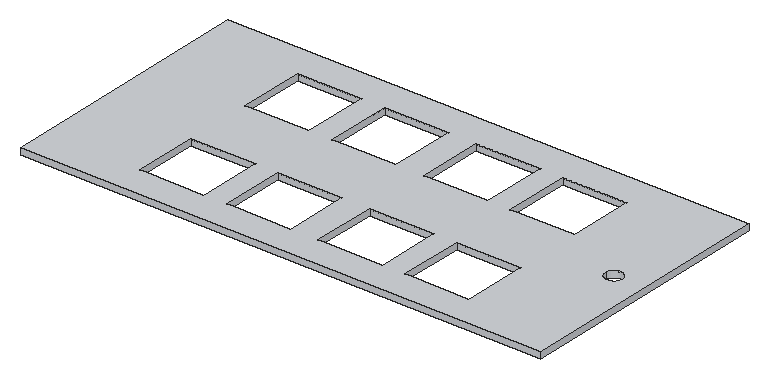
Revit family "CP-Trägerplatte für 8Datenanschlussmodule_Typ_C", category Generic Models, Revit 2015
Parameters (values of type "CP45-TP 8C")
  URL = "http://www.obo-bettermann.com"
  Material = Steel, Galvanized
  Manufacturer Art.No. = "6108028"
  Manufacturer = "OBO Bettermann"
  GTIN = "4012196584796"
  Article Type = "CP45-TP 8C"
Reference planes
  plane 1 "Center (Front/Back)": y = 0
  plane 2: z = 0
  plane 3 "Center (Left/Right)": x = 0
  plane 4: x = -60
  plane 5: x = 60
  plane 6: y = 30
  plane 7: y = -30
  plane 8: x = 53
  plane 9: z = 1.4
Forms (mm)
  Extrusion 1, solid
    sketch origin (0, 0, 0) x (1, 0, 0) y (0, 1, 0)
      loop
        line (-60, 30) -> (-60, -30) -> (60, -30) -> (60, 30) -> (-60, 30)
      loop
        line (-38, 22.5) -> (-38, 7.316) -> (-23.2, 7.316) -> (-23.2, 22.5) -> (-38, 22.5)
      loop
        line (-38, -8.211) -> (-38, -23.039) -> (-23.2, -23.039) -> (-23.2, -8.211) -> (-38, -8.211)
      loop
        line (-18, -23.039) -> (-3.2, -23.039) -> (-3.2, -8.211) -> (-18, -8.211) -> (-18, -23.039)
      loop
        line (-3.2, 7.316) -> (-3.2, 22.5) -> (-18, 22.5) -> (-18, 7.316) -> (-3.2, 7.316)
      loop
        line (3.2, 22.5) -> (3.2, 7.316) -> (18, 7.316) -> (18, 22.5) -> (3.2, 22.5)
      loop
        line (18, -8.211) -> (3.2, -8.211) -> (3.2, -23.039) -> (18, -23.039) -> (18, -8.211)
      loop
        line (23.2, -8.211) -> (23.2, -23.039) -> (38, -23.039) -> (38, -8.211) -> (23.2, -8.211)
      loop
        line (23.2, 7.316) -> (38, 7.316) -> (38, 22.5) -> (23.2, 22.5) -> (23.2, 7.316)
      loop
        circle (53, 0) r 1.998
    from 0 to 1.4
Lines and regions (mm)
  reference lines
    curve 1: circle (53, 0, 0) r 1.998 normal (0, 0, 1)
    curve 2: line (-38, 22.5, 0) -> (-23.2, 22.5, 0)
    curve 3: line (-38, 7.316, 0) -> (-38, 22.5, 0)
    curve 4: line (-23.2, 7.316, 0) -> (-38, 7.316, 0)
    curve 5: line (-23.2, 22.5, 0) -> (-23.2, 7.316, 0)
    curve 6: line (-18, 22.5, 0) -> (-3.2, 22.5, 0)
    curve 7: line (-18, 7.316, 0) -> (-18, 22.5, 0)
    curve 8: line (-3.2, 7.316, 0) -> (-18, 7.316, 0)
    curve 9: line (-3.2, 22.5, 0) -> (-3.2, 7.316, 0)
    curve 10: line (-38, -8.211, 0) -> (-23.2, -8.211, 0)
    curve 11: line (-38, -23.039, 0) -> (-38, -8.211, 0)
    curve 12: line (-23.2, -23.039, 0) -> (-38, -23.039, 0)
    curve 13: line (-23.2, -8.211, 0) -> (-23.2, -23.039, 0)
    curve 14: line (-18, -8.211, 0) -> (-3.2, -8.211, 0)
    curve 15: line (-18, -23.039, 0) -> (-18, -8.211, 0)
    curve 16: line (-3.2, -23.039, 0) -> (-18, -23.039, 0)
    curve 17: line (-3.2, -8.211, 0) -> (-3.2, -23.039, 0)
    curve 18: line (38, 22.5, 0) -> (23.2, 22.5, 0)
    curve 19: line (38, 7.316, 0) -> (38, 22.5, 0)
    curve 20: line (23.2, 7.316, 0) -> (38, 7.316, 0)
    curve 21: line (23.2, 22.5, 0) -> (23.2, 7.316, 0)
    curve 22: line (18, 22.5, 0) -> (3.2, 22.5, 0)
    curve 23: line (18, 7.316, 0) -> (18, 22.5, 0)
    curve 24: line (3.2, 7.316, 0) -> (18, 7.316, 0)
    curve 25: line (3.2, 22.5, 0) -> (3.2, 7.316, 0)
    curve 26: line (38, -8.211, 0) -> (23.2, -8.211, 0)
    curve 27: line (38, -23.039, 0) -> (38, -8.211, 0)
    curve 28: line (23.2, -23.039, 0) -> (38, -23.039, 0)
    curve 29: line (23.2, -8.211, 0) -> (23.2, -23.039, 0)
    curve 30: line (18, -8.211, 0) -> (3.2, -8.211, 0)
    curve 31: line (18, -23.039, 0) -> (18, -8.211, 0)
    curve 32: line (3.2, -23.039, 0) -> (18, -23.039, 0)
    curve 33: line (3.2, -8.211, 0) -> (3.2, -23.039, 0)
Dimensions and locks
  locked: plane 4 to plane 5 at 120
  equal spacing: plane 4, plane 3 "Center (Left/Right)", plane 5
  equal spacing: plane 6, plane 1 "Center (Front/Back)", plane 7
  locked: plane 6 to plane 7 at 60
  locked: plane 8 to plane 5 at 7
  locked: level to plane 9 at 1.4
  locked: curve 2 to plane 6 at 7.5
  locked: plane 4 to curve 3 at 22
  locked: curve 3 to curve 5 at 14.8
  locked: curve 7 to curve 9 at 14.8
  locked: curve 5 to curve 7 at 5.2
  locked: curve 19 to curve 21 at 14.8
  locked: curve 23 to curve 25 at 14.8
  locked: curve 21 to curve 23 at 5.2
  aligned and locked: level to plane 2
  aligned and locked: curve 11 to curve 3
  aligned and locked: curve 5 to curve 13
  aligned and locked: curve 10 to curve 14
  aligned and locked: curve 15 to curve 7
  aligned and locked: curve 16 to curve 12
  aligned and locked: curve 9 to curve 17
  aligned and locked: curve 2 to curve 6
  aligned and locked: curve 27 to curve 19
  aligned and locked: curve 21 to curve 29
  aligned and locked: curve 26 to curve 30
  aligned and locked: curve 31 to curve 23
  aligned and locked: curve 32 to curve 28
  aligned and locked: curve 25 to curve 33
  aligned and locked: curve 18 to curve 22
  aligned and locked: Extrusion 1 sketch curve to plane 6
  aligned and locked: plane 4 to Extrusion 1 sketch curve
  aligned and locked: plane 7 to Extrusion 1 sketch curve
  aligned and locked: Extrusion 1 sketch curve to plane 5
  aligned and locked: Extrusion 1 sketch curve to curve 2
  aligned and locked: Extrusion 1 sketch curve to curve 3
  aligned and locked: Extrusion 1 sketch curve to curve 4
  aligned and locked: Extrusion 1 sketch curve to curve 5
  aligned and locked: Extrusion 1 sketch curve to curve 10
  aligned and locked: Extrusion 1 sketch curve to curve 11
  aligned and locked: Extrusion 1 sketch curve to curve 12
  aligned and locked: Extrusion 1 sketch curve to curve 13
  aligned and locked: Extrusion 1 sketch curve to curve 15
  aligned and locked: Extrusion 1 sketch curve to curve 16
  aligned and locked: Extrusion 1 sketch curve to curve 17
  aligned and locked: Extrusion 1 sketch curve to curve 14
  aligned and locked: Extrusion 1 sketch curve to curve 8
  aligned and locked: Extrusion 1 sketch curve to curve 9
  aligned and locked: Extrusion 1 sketch curve to curve 6
  aligned and locked: Extrusion 1 sketch curve to curve 7
  aligned and locked: Extrusion 1 sketch curve to curve 25
  aligned and locked: Extrusion 1 sketch curve to curve 22
  aligned and locked: Extrusion 1 sketch curve to curve 23
  aligned and locked: Extrusion 1 sketch curve to curve 24
  aligned and locked: Extrusion 1 sketch curve to curve 30
  aligned and locked: Extrusion 1 sketch curve to curve 33
  aligned and locked: Extrusion 1 sketch curve to curve 32
  aligned and locked: Extrusion 1 sketch curve to curve 31
  aligned and locked: Extrusion 1 sketch curve to curve 29
  aligned and locked: Extrusion 1 sketch curve to curve 26
  aligned and locked: Extrusion 1 sketch curve to curve 27
  aligned and locked: Extrusion 1 sketch curve to curve 28
  aligned and locked: Extrusion 1 sketch curve to curve 20
  aligned and locked: Extrusion 1 sketch curve to curve 21
  aligned and locked: Extrusion 1 sketch curve to curve 18
  aligned and locked: Extrusion 1 sketch curve to curve 19
  aligned and locked: Extrusion 1 sketch curve to curve 1
  aligned and locked: Extrusion 1 to level
  aligned and locked: plane 9 to Extrusion 1
Automatic sketch dimensions
  plane 1 "Center (Front/Back)" to curve 1 = 0 mm
  curve 1 to plane 8 = 0 mm
  plane 3 "Center (Left/Right)" to curve 33 = 3.2 mm
  plane 1 "Center (Front/Back)" to curve 17 = 8.211 mm
  plane 1 "Center (Front/Back)" to curve 26 = 8.211 mm
  plane 7 to curve 11 = 6.961 mm
  curve 16 to curve 33 = 0 mm
  curve 3 to plane 1 "Center (Front/Back)" = 7.316 mm
  curve 4 to curve 7 = 0 mm
  curve 19 to plane 1 "Center (Front/Back)" = 7.316 mm
  curve 23 to curve 20 = 0 mm
  curve 23 to plane 6 = 7.5 mm
  Extrusion 1 sketch curve to plane 3 "Center (Left/Right)" = 3.2 mm
  radius of curve 1 = 1.998 mm
